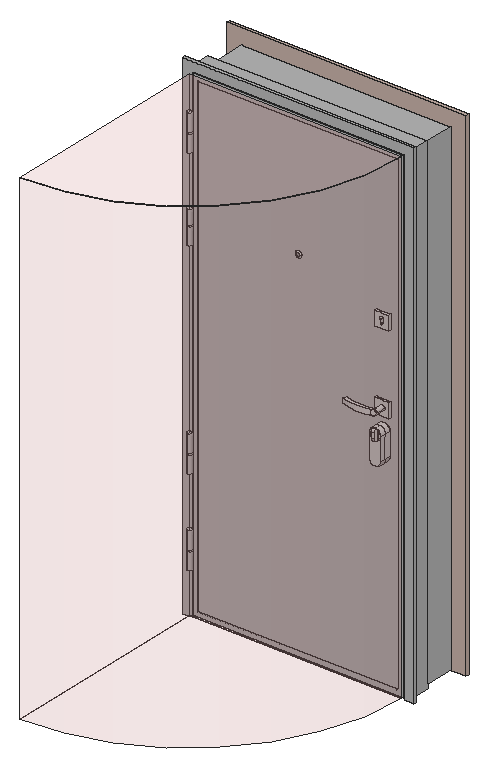
Revit family "ASSA ABLOY - DL1.3 PP30 RAPTOR, single-leaf, angular frame + PORTAL + Linus", category Doors, host Wall, Revit 2021 (continued)
Definition of nested family "Rosette security set_Standard ASSA ABLOY"
  Forms (mm)
    Sweep 3, void
      profile origin (0, -5.4, 0) x (-1, 0, 0) y (0, 0, 1)
        loop
          line (5.25, -11.5) -> (5.25, 1)
    Sweep 4, solid
      path origin (0, 76, 0) x (1, 0, 0) y (0, 1, 0)
        loop
          line (0, 14.4) -> (0, 15.4)
      profile origin (0, 90.9, 0) x (-1, 0, 0) y (0, 0, 1)
        loop
          circle (0, 8) r 8.75
        loop
          arc (13.5, 8) -> (0, 21.5) -> (-13.5, 8) r 13.5
          line (-13.5, 8) -> (-13.5, -6)
          arc (-13.5, -6) -> (0, -19.5) -> (13.5, -6) r 13.5
          line (13.5, -6) -> (13.5, 8)
    Sweep 5, solid
      path origin (0, 76, 0) x (1, 0, 0) y (0, 1, 0)
        loop
          line (0, 14.4) -> (0, 15.4)
      profile origin (0, 90.9, 0) x (-1, 0, 0) y (0, 0, 1)
        loop
          circle (0, 8) r 8.5
    Sweep 6, void
      path origin (0, 77.909, 0) x (1, 0, 0) y (0, 1, 0)
        loop
          line (0, 12.491) -> (0, 13.491)
      profile origin (0, 90.9, 0) x (-1, 0, 0) y (0, 0, 1)
        loop
          line (-6, 6) -> (6, 6)
          arc (6, 6) -> (8, 8) -> (6, 10) r 2
          line (6, 10) -> (-6, 10)
          arc (-6, 10) -> (-8, 8) -> (-6, 6) r 2
  Cuts and joins
    Sweep 3 cuts Sweep 1
    Sweep 6 cuts Sweep 5
  Dimensions and locks
    locked: plane 7 to plane 5 at 13
    locked: plane 10 to plane 5 at 0.8
    "Thickness": plane 10 to plane 9
    locked: plane 1 "Center (Front/Back)" to plane 9 at 0.8
    locked: plane 6 to plane 1 "Center (Front/Back)" at 10
    locked: plane 11 to plane 7 at 1
    aligned and locked: level to plane 2
    aligned and locked: plane 9 to Sweep 3 sketch curve
    aligned and locked: plane 11 to Sweep 4 sketch curve
    aligned and locked: plane 11 to Sweep 5 sketch curve
    aligned and locked: plane 7 to Sweep 5 sketch curve
    aligned and locked: plane 3 "Center (Left/Right)" to Sweep 5 sketch curve
    aligned and locked: plane 7 to Sweep 6 sketch curve
    aligned and locked: plane 11 to Sweep 6 sketch curve
    aligned and locked: plane 3 "Center (Left/Right)" to Sweep 6 sketch curve
  Automatic sketch dimensions
    Sweep 1 sketch curve to plane 3 "Center (Left/Right)" = 0.000 mm
    Sweep 1 sketch curve to plane 6 = 0.000 mm
    plane 1 "Center (Front/Back)" to Sweep 1 sketch curve = 0.000 mm
    profile plane to Sweep 1 sketch curve = 30.000 mm
    Sweep 1 sketch curve to profile plane = 30.000 mm
    Sweep 1 sketch curve to level = 30.000 mm
    level to Sweep 1 sketch curve = 30.000 mm
    Sweep 2 sketch curve to plane 3 "Center (Left/Right)" = 0.000 mm
    Sweep 2 sketch curve to plane 5 = 0.000 mm
    Sweep 2 sketch curve to plane 7 = 0.000 mm
    profile plane to Sweep 2 sketch curve = 30.000 mm
    Sweep 2 sketch curve to profile plane = 30.000 mm
    Sweep 2 sketch curve to level = 30.000 mm
    level to Sweep 2 sketch curve = 30.000 mm
    Sweep 3 sketch curve to plane 3 "Center (Left/Right)" = 0.000 mm
    Sweep 3 sketch curve to plane 6 = 0.000 mm
    Sweep 3 sketch curve to profile plane = 0.000 mm  (x2)
    profile plane to Sweep 3 sketch curve = 5.250 mm
    Sweep 3 sketch curve to level = 11.500 mm
    level to Sweep 3 sketch curve = 1.000 mm
    level to Sweep 3 sketch curve = 8.000 mm
    Sweep 4 sketch curve to plane 3 "Center (Left/Right)" = 0.000 mm
    Sweep 4 sketch curve to plane 7 = 0.000 mm
    Sweep 4 sketch curve to Sweep 4 sketch curve = 0.000 mm  (x2)
    Sweep 4 sketch curve to profile plane = 0.000 mm
    Sweep 4 sketch curve to level = 6.000 mm
    profile plane to Sweep 4 sketch curve = 13.500 mm
    level to Sweep 4 sketch curve = 8.000 mm
    Sweep 5 sketch curve to profile plane = 0.000 mm
    level to Sweep 5 sketch curve = 8.000 mm
    profile plane to Sweep 6 sketch curve = 6.000 mm
    Sweep 6 sketch curve to profile plane = 6.000 mm
    level to Sweep 6 sketch curve = 6.000 mm
    Sweep 6 sketch curve to Sweep 6 sketch curve = 2.000 mm
    radius of Sweep 4 sketch curve = 8.750 mm
    radius of Sweep 5 sketch curve = 8.500 mm
Definition of nested family "Detail_Door symbol"
  Parameters (values of type "Detail_Door symbol")
    Symbol Radius = 895.000 mm
    Rough Width = 922.000 mm
    Door Leaf Width = 889.500 mm
  Reference planes
    plane 1 "Center (Front/Back)": y = 0
    plane 2: z = 0
    plane 3 "Center (Left/Right)": x = 0
    plane 4: x = -461
    plane 5: x = 461
    plane 6: y = -23
    plane 7: x = -450.5
    plane 8: y = -28.5
    plane 9: y = -45.5
    plane 10: y = -901
    plane 11: y = -918
    plane 12: x = -441
    plane 13: x = -423
    plane 14: x = -380
    plane 15: y = -835
  Lines and regions (mm)
    Filled region 1, type "Solid Fill - White", in view "Ref. Level", detail levels fine
      outline origin (28.5, 43.059, 0) x (1, 0, 0) y (0, 1, 0)
        loop
          line (-469.5, -71.559) -> (-469.5, -961.059) -> (-451.5, -961.059) -> (-451.5, -944.059) -> (-408.5, -944.059) -> (-408.5, -88.559) -> (-451.5, -88.559) -> (-451.5, -71.559) -> (-469.5, -71.559)
    Filled region 2, type "Solid Fill - White", in view "Ref. Level", detail levels medium
      outline origin (28.5, 43.059, 0) x (1, 0, 0) y (0, 1, 0)
        loop
          line (-469.5, -71.559) -> (-469.5, -961.059) -> (-408.5, -961.059) -> (-408.5, -71.559) -> (-469.5, -71.559)
    detail lines, in view "Ref. Level"
      curve 1: arc (-450.5, -918, 0) -> (182.361, -655.861, 0) -> (444.5, -23, 0) r 895
    detail lines, in view "Ref. Level", detail levels coarse
      curve 2: line (-450.5, -918, 0) -> (-450.5, -23, 0)
    detail lines, in view "Ref. Level", detail levels fine
      curve 3: arc (-477.109, -708.099, 0) -> (-490.827, -766.038, 0) -> (-482.536, -825, 0) r 160.909
      curve 4: arc (-490.814, -702.002, 0) -> (-506, -773.501, 0) -> (-490.815, -845, 0) r 175.917
      curve 5: line (-490.814, -702.002, 0) -> (-477.109, -708.099, 0)
      curve 6: line (-441, -805, 0) -> (-451, -805, 0)
      curve 7: line (-451, -805, 0) -> (-451, -825, 0)
      curve 8: line (-451, -825, 0) -> (-482.536, -825, 0)
      curve 9: line (-441, -865, 0) -> (-451, -865, 0)
      curve 10: line (-451, -865, 0) -> (-451, -845, 0)
      curve 11: line (-451, -845, 0) -> (-490.815, -845, 0)
      curve 12: arc (-343.891, -708.099, 0) -> (-330.173, -766.038, 0) -> (-338.464, -825, 0) r 160.909
      curve 13: arc (-330.186, -702.002, 0) -> (-315, -773.501, 0) -> (-330.185, -845, 0) r 175.917
      curve 14: line (-330.186, -702.002, 0) -> (-343.891, -708.099, 0)
      curve 15: line (-380, -805, 0) -> (-370, -805, 0)
      curve 16: line (-370, -805, 0) -> (-370, -825, 0)
      curve 17: line (-370, -825, 0) -> (-338.464, -825, 0)
      curve 18: line (-380, -865, 0) -> (-370, -865, 0)
      curve 19: line (-370, -865, 0) -> (-370, -845, 0)
      curve 20: line (-370, -845, 0) -> (-330.185, -845, 0)
  Dimensions and locks
    equal spacing: plane 4, plane 3 "Center (Left/Right)", plane 5
    "Rough Width": plane 4 to plane 5
    plane 4 to plane 7 = 10.500 mm
    locked: plane 8 to plane 9 at 17
    locked: plane 11 to plane 10 at 17
    "Door Leaf Width": plane 11 to plane 8
    plane 8 to plane 6 to plane 1 "Center (Front/Back)" = 5.500 mm locked, 23.000 mm locked
    locked: plane 12 to plane 13 at 18
    locked: plane 13 to plane 14 at 43
    locked: plane 7 to plane 12 at 9.5
    locked: plane 11 to plane 15 at 83
    "Symbol Radius": radius of curve 1
    aligned and locked: plane 7 to curve 1
    aligned and locked: curve 1 to plane 6
    aligned and locked: plane 12 to Filled region 1 sketch curve
    aligned and locked: Filled region 1 sketch curve to plane 11
    aligned and locked: Filled region 1 sketch curve to plane 13  (x2)
    aligned and locked: plane 10 to Filled region 1 sketch curve
    aligned and locked: Filled region 1 sketch curve to plane 14
    aligned and locked: Filled region 1 sketch curve to plane 8
    aligned and locked: plane 9 to Filled region 1 sketch curve
    aligned and locked: Filled region 2 sketch curve to plane 8
    aligned and locked: Filled region 2 sketch curve to plane 14
    aligned and locked: plane 12 to Filled region 2 sketch curve
    aligned and locked: Filled region 2 sketch curve to plane 11
  Automatic sketch dimensions
    curve 6 to plane 12 = 0.000 mm
    curve 9 to plane 12 = 0.000 mm
    curve 18 to plane 14 = 0.000 mm
    curve 15 to plane 14 = 0.000 mm
    plane 6 to curve 2 = 0.000 mm
    plane 7 to curve 10 = 0.500 mm
    plane 7 to curve 7 = 0.500 mm
    curve 5 to plane 4 = 16.109 mm
    plane 15 to curve 8 = 10.000 mm
    curve 8 to plane 4 = 21.536 mm
    curve 5 to curve 3 = 13.705 mm
    curve 11 to plane 15 = 10.000 mm
    curve 11 to curve 8 = 8.279 mm
    curve 12 to plane 4 = 29.909 mm
    curve 13 to curve 12 = 0.008 mm
    curve 15 to curve 16 = 10.000 mm
    plane 14 to curve 20 = 10.000 mm
    plane 14 to curve 14 = 36.109 mm
    plane 15 to curve 17 = 10.000 mm
    curve 16 to curve 17 = 31.536 mm
    curve 14 to curve 14 = 13.705 mm
    curve 20 to plane 15 = 10.000 mm
    curve 17 to curve 20 = 8.279 mm
    plane 14 to curve 3 = 49.909 mm
    curve 3 to curve 4 = 0.008 mm
    curve 10 to curve 10 = 20.000 mm
    curve 19 to curve 19 = 20.000 mm
    curve 7 to curve 6 = 20.000 mm
    curve 16 to curve 16 = 20.000 mm
    curve 15 to curve 4 = 31.498 mm
    curve 6 to curve 13 = 31.498 mm
    curve 13 to curve 12 = 0.002 mm
    curve 4 to curve 3 = 0.002 mm
Types (18, lengths in mm): name | Symbol Radius | Rough Height Real | Width Round | Rough Width | Rough Height | Rough Width Real | Height Round | Height | Width | Door Leaf Width
  800 x 2015 (808 x 2015) | 895.000 | 2075.000 | 800.000 | 930.000 | 2085.000 | 922.000 | 2015.000 | 2015.000 | 800.000 | 889.500
  800 x 2050 (808 x 2050) | 895.000 | 2110.000 | 800.000 | 930.000 | 2120.000 | 922.000 | 2050.000 | 2050.000 | 800.000 | 889.500
  800 x 2100 (808 x 2100) | 895.000 | 2160.000 | 800.000 | 930.000 | 2170.000 | 922.000 | 2100.000 | 2100.000 | 800.000 | 889.500
  800 x 2200 (808 x 2200) | 895.000 | 2260.000 | 800.000 | 930.000 | 2270.000 | 922.000 | 2200.000 | 2200.000 | 800.000 | 889.500
  800 x 2250 (808 x 2250) | 895.000 | 2310.000 | 800.000 | 930.000 | 2320.000 | 922.000 | 2250.000 | 2250.000 | 800.000 | 889.500
  800 x 2315 (808 x 2315) | 895.000 | 2375.000 | 800.000 | 930.000 | 2385.000 | 922.000 | 2315.000 | 2315.000 | 800.000 | 889.500
  900 x 2015 (908 x 2015) | 995.000 | 2075.000 | 900.000 | 1030.000 | 2085.000 | 1022.000 | 2015.000 | 2015.000 | 900.000 | 989.500
  900 x 2050 (908 x 2050) | 995.000 | 2110.000 | 900.000 | 1030.000 | 2120.000 | 1022.000 | 2050.000 | 2050.000 | 900.000 | 989.500
  900 x 2100 (908 x 2100) | 995.000 | 2160.000 | 900.000 | 1030.000 | 2170.000 | 1022.000 | 2100.000 | 2100.000 | 900.000 | 989.500
  900 x 2200 (908 x 2200) | 995.000 | 2260.000 | 900.000 | 1030.000 | 2270.000 | 1022.000 | 2200.000 | 2200.000 | 900.000 | 989.500
  900 x 2250 (908 x 2250) | 995.000 | 2310.000 | 900.000 | 1030.000 | 2320.000 | 1022.000 | 2250.000 | 2250.000 | 900.000 | 989.500
  900 x 2315 (908 x 2315) | 995.000 | 2375.000 | 900.000 | 1030.000 | 2385.000 | 1022.000 | 2315.000 | 2315.000 | 900.000 | 989.500
  1000 x 2015 (1008 x 2015) | 1095.000 | 2075.000 | 1000.000 | 1130.000 | 2085.000 | 1122.000 | 2015.000 | 2015.000 | 1000.000 | 1089.500
  1000 x 2050 (1008 x 2050) | 1095.000 | 2110.000 | 1000.000 | 1130.000 | 2120.000 | 1122.000 | 2050.000 | 2050.000 | 1000.000 | 1089.500
  1000 x 2100 (1008 x 2100) | 1095.000 | 2160.000 | 1000.000 | 1130.000 | 2170.000 | 1122.000 | 2100.000 | 2100.000 | 1000.000 | 1089.500
  1000 x 2200 (1008 x 2200) | 1095.000 | 2260.000 | 1000.000 | 1130.000 | 2270.000 | 1122.000 | 2200.000 | 2200.000 | 1000.000 | 1089.500
  1000 x 2250 (1008 x 2250) | 1095.000 | 2310.000 | 1000.000 | 1130.000 | 2320.000 | 1122.000 | 2250.000 | 2250.000 | 1000.000 | 1089.500
  1000 x 2315 (1008 x 2315) | 1095.000 | 2375.000 | 1000.000 | 1130.000 | 2385.000 | 1122.000 | 2315.000 | 2315.000 | 1000.000 | 1089.500
